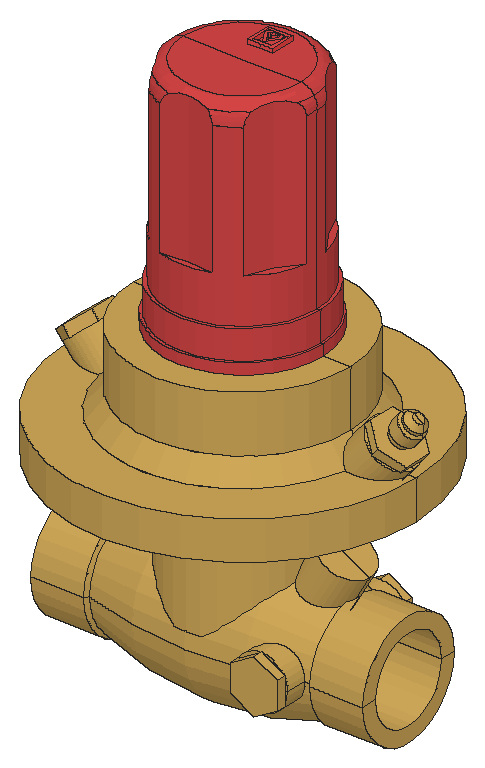
Revit family "Differential Pressure Control Valve 4007 5-30kPa", category Rohrzubehör, Revit 2018
Family settings
  Bemaßung runder Anschluss = Durchmesser verwenden
  Teiletyp = Unterbricht
  OmniClass-Nummer = 23.65.55.14.24
  OmniClass-Titel = Mixing Valves for Liquid Services
  Arbeitsebenenbasiert = Nein
  Immer vertikal = Ja
  Beim Laden mit Abzugskörper schneiden = Nein
  Gemeinsam genutzt = Nein
Parameters
  t1 = 24.47 mm  # constant formula
  Test pressure = 2400000.0 Pa  # constant formula
  Model = "The differential pressure controller is a straight-version proportional controller and works without\r\nauxiliary energy. The required nominal differential pressure can be continuously adjusted from 50 to\r\n300 mbar. The adjusted set point can be read, locked and sealed. The nominal set point is factory\r\npreset at minimum. The required set point is adjusted by means of a hand wheel and secured against\r\nturning by the block ring. The impulse line (1000 mm) is included with the valve and is connected to a\r\ncircuit regulating valve in the supply line.\r\nIt is possible to connect HERZ STROMAX valves 4215, 4217 or 4218 AGF to a differential pressure\r\ncontroller."
  Min. operating temperature (pure water) = 2 °C  # constant formula
  Min. operating temperature (frost protection, brass body) = -20 °C  # constant formula
  Min. operating temperature (frost protection) = -10 °C  # constant formula
  Max. operating temperature DN40-DN80 = 110 °C  # constant formula
  Max. operating temperature DN15-DN32 = 130 °C  # constant formula
  Max. differential pressure on the body = 200000.0 Pa  # constant formula
  m4 [instance] = R03 - 11.00 mm  # 20.50 mm
  m3 = 4.00 mm  # constant formula
  m2 [instance] = R03 - 8.50 mm  # 23.00 mm
  m1 = 3.50 mm  # constant formula
  k9 = 17.65 mm  # constant formula
  k8 = 130.00°  # constant formula
  k7 = 9.45 mm  # constant formula
  k6 = 8.678 mm
  k5 = 11.83 mm  # constant formula
  k4 = 142.00°  # constant formula
  k3 = 63.00 mm  # constant formula
  k22 = 3.22 mm  # constant formula
  k21 = 28.72 mm  # constant formula
  k20 = 70.56 mm  # constant formula
  k2 = 49.08 mm  # constant formula
  k19 = 24.47 mm  # constant formula
  k18 = 24.47 mm  # constant formula
  k17 [instance] = 4.00 mm  # constant formula
  k16 = 7.283 mm
  k15 [instance] = size_lookup("4007", "k15", 10.00 mm, Nennweite)  # 7.28 mm
  k14 = 101.66 mm  # constant formula
  k13 = 14.00 mm  # constant formula
  k12 = 39.276 mm
  k11 = 45.00 mm  # constant formula
  k10 = 20.56 mm  # constant formula
  k1 = 21.00 mm  # constant formula
  h2 [instance] = size_lookup("4007", "h2", 18.75 mm, Nennweite)  # 24.50 mm
  h1 = 20.59 mm  # constant formula
  a3 = 9.50 mm  # constant formula
  a2 = 21.02 mm  # constant formula
  a1 = 9.50 mm  # constant formula
  Valve body = "dezincification-resistant brass"  # constant formula
  URL = "www.herzvalves.com"
  Set point spring = "stainless steel"  # constant formula
  Schrauben [instance] = if(Nennweite = 15.00 mm, "4x M12x50", if(Nennweite = 20.00 mm, "4x M12x55", if(Nennweite = 25.00 mm, "4x M12x55", if(Nennweite = 32.00 mm, "4x M16x60", if(Nennweite = 40.00 mm, "4x M16x60", if(Nennweite = 50.00 mm, "4x M16x60", if(Nennweite = 65.00 mm, "4x M16x60", if(Nennweite = 80.00 mm, "8x M16x65", if(Nennweite = 100.00 mm, "8x M16x65", if(Nennweite = 125.00 mm, "8x M16x70", if(Nennweite = 150.00 mm, "8x M20x70", if(Nennweite = 200.00 mm, "12x M20x75", if(Nennweite = 250.00 mm, "12x M24x85", if(Nennweite = 300.00 mm, "12x M24x85", if(Nennweite = 350.00 mm, "16x M24x90", "16x M27x100")))))))))))))))  # "4x M12x55"
  SW [instance] = size_lookup("4007", "SW", 13.50 mm, Nennweite)  # 20.50 mm
  SCRNSEQ = "ARM;ARM_TYP=\"DIFR\";2"
  SCRNCODE = "05;03;4"  # constant formula
  Rp [instance] = size_lookup("4007", "Rp", 9.30 mm, Nennweite)  # 15.146 mm
  R04 [instance] = size_lookup("4007", "R04", 19.50 mm, Nennweite)  # 25.40 mm
  R03 [instance] = size_lookup("4007", "R03", 27.50 mm, Nennweite)  # 31.50 mm
  R02 [instance] = size_lookup("4007", "R02", 12.70 mm, Nennweite)  # 19.00 mm
  R01 [instance] = size_lookup("4007", "R01", 21.00 mm, Nennweite)  # 26.00 mm
  Nennweite [instance] = 25.00 mm
  Membrane and O-Rings = "EPDM"  # constant formula
  Medium = "Ethylene and propylene glycol is to be used in a mixing ratio of 25 - 50 Vol. [%].\r\nWater quality according to ONORM H 5195 and VDI 2035"
  L03 [instance] = size_lookup("4007", "L03", 35.00 mm, Nennweite)  # 45.00 mm
  L02 [instance] = size_lookup("4007", "L02", 21.00 mm, Nennweite)  # 27.00 mm
  L01 [instance] = size_lookup("4007", "L01", 15.00 mm, Nennweite)  # 19.10 mm
  L [instance] = size_lookup("4007", "L", 100.00 mm, Nennweite)  # 120.00 mm
  Materials = "Ammonia contained in hemp can damage brass valve bodies, EPDM gaskets can be affected by\r\nmineral oil lubricants and thus lead to failure of the EPDM seals. Please refer to manufacturers\r\ndocumentation when using ethylene glycol products for frost and corrosion protection."
  Hersteller = "HERZ-Armaturen Ges.m.b.H"  # constant formula
  DN80 [instance] = Nennweite = 80.00 mm  # no
  DN65-80 [instance] = or(Nennweite = 65.00 mm, Nennweite = 80.00 mm)  # no
  DN65 [instance] = Nennweite = 65.00 mm  # no
  DN50 [instance] = Nennweite = 50.00 mm  # no
  DN40 [instance] = Nennweite = 40.00 mm  # no
  DN32-40 [instance] = or(Nennweite = 32.00 mm, Nennweite = 40.00 mm)  # no
  DN32 [instance] = Nennweite = 32.00 mm  # no
  DN25 [instance] = Nennweite = 25.00 mm  # yes
  DN20 [instance] = Nennweite = 20.00 mm  # no
  DN15-50 [instance] = or(Nennweite = 15.00 mm, Nennweite = 20.00 mm, Nennweite = 25.00 mm, Nennweite = 32.00 mm, Nennweite = 40.00 mm, Nennweite = 50.00 mm)  # yes
  DN15-20 [instance] = or(Nennweite = 15.00 mm, Nennweite = 20.00 mm)  # no
  DN15 [instance] = Nennweite = 15.00 mm  # no
  Max. operating pressure = 1600000.0 Pa  # constant formula
  Bestellnummer [instance] = size_lookup("4007", "Artnr", 0, Nennweite)  # 1400703
  B1 [instance] = size_lookup("4007", "b1", 9.50 mm, Nennweite)  # 9.50 mm
  Application = "For heating and cooling systems, to ensure constant differential pressure constant within the\r\ncontrol range.\r\nReset from HERZ STROMAX circuit regulating valves."
Reference planes
  plane 1 "Mitte (Vorne/hinten)": y = 0
  plane 2: z = 0
  plane 3 "Mitte (Links/rechts)": x = 0
Forms (mm)
  Revolve 1, solid, material "Messing, weicher Gelbton, geschweißt", detail levels fine
    sketch origin (0, 0, 0) x (1, 0, 0) y (0, 1, 0)
      loop
        line (-60, 15.146) -> (60, 15.146) -> (60, 20.5) -> (40.9, 20.5) -> (40.265, 19)
        arc (40.265, 19) -> (0, 26) -> (-40.265, 19) r 119.305
        line (-40.265, 19) -> (-40.9, 20.5) -> (-60, 20.5) -> (-60, 15.146)
      axis (60, 0) -> (-60, 0)
    angle from 0 to 360
  Revolve 2, solid, material "Messing, weicher Gelbton, geschweißt", detail levels fine
    sketch origin (0, 0, 0) x (1, 0, 0) y (0, 0, 1)
      loop
        line (-25.4, 45) -> (-25.4, 0) -> (0, 0) -> (0, 45) -> (-25.4, 45)
      axis (0, 45) -> (0, 0)
    angle from 0 to 360
  Revolve 3, solid, material "Messing, weicher Gelbton, geschweißt", detail levels fine
    sketch origin (0, 0, 1.88) x (1, 0, 0) y (0, 0, 1)
      loop
        line (0, 43.116) -> (0, 144.776) -> (-21, 144.776) -> (-21, 92.196) -> (-39.276, 92.196) -> (-39.276, 71.639) -> (-45.35, 64.4) -> (-63, 64.4) -> (-63, 50.4) -> (-54.322, 50.4) -> (-45, 43.116) -> (0, 43.116)
      axis (0, 144.776) -> (0, 43.116)
    angle from 0 to 360
  Revolve 4, solid, material "Messing, weicher Gelbton, geschweißt", visible <- "DN15", detail levels fine
    sketch origin (0, 0, 0) x (1, 0, 0) y (0, 0, 1)
      loop
        line (-22.014, 8.727) -> (-13.787, 13.477) -> (-24.773, 32.507) -> (-33, 27.757) -> (-22.014, 8.727)
      axis (-33, 27.757) -> (-22.014, 8.727)
    angle from 0 to 360
  Revolve 5, solid, material "Messing, weicher Gelbton, geschweißt", visible <- "DN15", detail levels fine
    sketch origin (0, 0, 0) x (-1, 0, 0) y (0, 0, 1)
      loop
        line (-22.014, 8.727) -> (-13.787, 13.477) -> (-24.773, 32.507) -> (-33, 27.757) -> (-22.014, 8.727)
      axis (-33, 27.757) -> (-22.014, 8.727)
    angle from 0 to 360
  Revolve 6, solid, material "Messing, weicher Gelbton, geschweißt", visible <- "DN20", detail levels fine
    sketch origin (-0.6, 0, 0.94) x (1, 0, 0) y (0, 0, 1)
      loop
        line (-22.014, 8.727) -> (-13.787, 13.477) -> (-24.773, 32.507) -> (-33, 27.757) -> (-22.014, 8.727)
      axis (-33, 27.757) -> (-22.014, 8.727)
    angle from 0 to 360
  Revolve 7, solid, material "Messing, weicher Gelbton, geschweißt", visible <- "DN20", detail levels fine
    sketch origin (0.6, 0, 0.94) x (-1, 0, 0) y (0, 0, 1)
      loop
        line (-22.014, 8.727) -> (-13.787, 13.477) -> (-24.773, 32.507) -> (-33, 27.757) -> (-22.014, 8.727)
      axis (-33, 27.757) -> (-22.014, 8.727)
    angle from 0 to 360
  Revolve 8, solid, material "Messing, weicher Gelbton, geschweißt", visible <- "DN25", detail levels fine
    sketch origin (-4.851, 0, 5.003) x (1, 0, 0) y (0, 0, 1)
      loop
        line (-22.014, 8.727) -> (-13.787, 13.477) -> (-24.773, 32.507) -> (-33, 27.757) -> (-22.014, 8.727)
      axis (-33, 27.757) -> (-22.014, 8.727)
    angle from 0 to 360
  Revolve 9, solid, material "Messing, weicher Gelbton, geschweißt", visible <- "DN25", detail levels fine
    sketch origin (4.851, 0, 5.003) x (-1, 0, 0) y (0, 0, 1)
      loop
        line (-22.014, 8.727) -> (-13.787, 13.477) -> (-24.773, 32.507) -> (-33, 27.757) -> (-22.014, 8.727)
      axis (-33, 27.757) -> (-22.014, 8.727)
    angle from 0 to 360
  Revolve 10, solid, material "Messing, weicher Gelbton, geschweißt", visible <- "DN32", detail levels fine
    sketch origin (-12.5, 0, 10.252) x (1, 0, 0) y (0, 0, 1)
      loop
        line (-22.014, 8.727) -> (-13.787, 13.477) -> (-24.773, 32.507) -> (-33, 27.757) -> (-22.014, 8.727)
      axis (-33, 27.757) -> (-22.014, 8.727)
    angle from 0 to 360
  Revolve 11, solid, material "Messing, weicher Gelbton, geschweißt", visible <- "DN32", detail levels fine
    sketch origin (12.5, 0, 10.252) x (-1, 0, 0) y (0, 0, 1)
      loop
        line (-22.014, 8.727) -> (-13.787, 13.477) -> (-24.773, 32.507) -> (-33, 27.757) -> (-22.014, 8.727)
      axis (-33, 27.757) -> (-22.014, 8.727)
    angle from 0 to 360
  Revolve 12, solid, material "Messing, weicher Gelbton, geschweißt", visible <- "DN40", detail levels fine
    sketch origin (-18.5, 0, 13.444) x (1, 0, 0) y (0, 0, 1)
      loop
        line (-22.014, 8.727) -> (-13.787, 13.477) -> (-24.773, 32.507) -> (-33, 27.757) -> (-22.014, 8.727)
      axis (-33, 27.757) -> (-22.014, 8.727)
    angle from 0 to 360
  Revolve 13, solid, material "Messing, weicher Gelbton, geschweißt", visible <- "DN40", detail levels fine
    sketch origin (18.5, 0, 13.444) x (-1, 0, 0) y (0, 0, 1)
      loop
        line (-22.014, 8.727) -> (-13.787, 13.477) -> (-24.773, 32.507) -> (-33, 27.757) -> (-22.014, 8.727)
      axis (-33, 27.757) -> (-22.014, 8.727)
    angle from 0 to 360
  Revolve 14, solid, material "Messing, weicher Gelbton, geschweißt", visible <- "DN50", detail levels fine
    sketch origin (-23.5, 0, 19.174) x (1, 0, 0) y (0, 0, 1)
      loop
        line (-22.014, 8.727) -> (-13.787, 13.477) -> (-24.773, 32.507) -> (-33, 27.757) -> (-22.014, 8.727)
      axis (-33, 27.757) -> (-22.014, 8.727)
    angle from 0 to 360
  Revolve 15, solid, material "Messing, weicher Gelbton, geschweißt", visible <- "DN50", detail levels fine
    sketch origin (23.5, 0, 19.174) x (-1, 0, 0) y (0, 0, 1)
      loop
        line (-22.014, 8.727) -> (-13.787, 13.477) -> (-24.773, 32.507) -> (-33, 27.757) -> (-22.014, 8.727)
      axis (-33, 27.757) -> (-22.014, 8.727)
    angle from 0 to 360
  Revolve 16, solid, material "Messing, weicher Gelbton, geschweißt", detail levels fine
    sketch origin (0, 0, 0) x (1, 0, 0) y (0, 1, 0)
      loop
        line (38, 0) -> (38, 27) -> (28.5, 27) -> (28.5, 0) -> (38, 0)
      axis (28.5, 27) -> (28.5, 0)
    angle from 0 to 360
  Revolve 17, solid, material "Messing, weicher Gelbton, geschweißt", detail levels fine
    sketch origin (0, 0, 0) x (1, 0, 0) y (0, -1, 0)
      loop
        line (38, 0) -> (38, 27) -> (28.5, 27) -> (28.5, 0) -> (38, 0)
      axis (28.5, 27) -> (28.5, 0)
    angle from 0 to 360
  Extrusion 18, solid, material "Messing, weicher Gelbton, geschweißt", visible <- "DN15-50", detail levels fine
    sketch origin (0, 0, 0) x (1, 0, 0) y (0, 0, -1)
      loop
        line (37, -4.907) -> (37, 4.907) -> (28.5, 9.815) -> (20, 4.907) -> (20, -4.907) -> (28.5, -9.815) -> (37, -4.907)
    from 27 to 30.5
  Extrusion 19, solid, material "Messing, weicher Gelbton, geschweißt", visible <- "DN15-50", detail levels fine
    sketch origin (0, 0, 0) x (1, 0, 0) y (0, 0, 1)
      loop
        line (37, 4.907) -> (28.5, 9.815) -> (20, 4.907) -> (20, -4.907) -> (28.5, -9.815) -> (37, -4.907) -> (37, 4.907)
    from 27 to 30.5
  Revolve 20, solid, material "Messing, weicher Gelbton, geschweißt", detail levels fine
    sketch origin (0, 0, 0) x (1, 0, 0) y (0, 0, 1)
      loop
        line (-54.637, 74.894) -> (-41.126, 58.791) -> (-33.848, 64.898) -> (-47.36, 81) -> (-54.637, 74.894)
      axis (-54.637, 74.894) -> (-41.126, 58.791)
    angle from 0 to 360
  Revolve 21, solid, material "Messing, weicher Gelbton, geschweißt", detail levels fine
    sketch origin (0, 0, 0) x (-1, 0, 0) y (0, 0, 1)
      loop
        line (-54.637, 74.894) -> (-41.126, 58.791) -> (-33.848, 64.898) -> (-47.36, 81) -> (-54.637, 74.894)
      axis (-54.637, 74.894) -> (-41.126, 58.791)
    angle from 0 to 360
  Extrusion 22, solid, material "Messing, weicher Gelbton, geschweißt", visible <- "DN15-20", detail levels fine
    sketch origin (-123.581, 0, 7.046) x (0.766044, 0, 0.642788) y (0, 1, 0)
      loop
        line (98.5, 4.907) -> (90, 9.815) -> (81.5, 4.907) -> (81.5, -4.907) -> (90, -9.815) -> (98.5, -4.907) -> (98.5, 4.907)
    from 0 to 4
  Extrusion 23, solid, material "Messing, weicher Gelbton, geschweißt", visible <- "DN15-20", detail levels fine
    sketch origin (-14.307, 0, 122.748) x (0.766044, 0, -0.642788) y (0, 1, 0)
      loop
        line (98.5, 4.907) -> (90, 9.815) -> (81.5, 4.907) -> (81.5, -4.907) -> (90, -9.815) -> (98.5, -4.907) -> (98.5, 4.907)
    from 0 to 3.4
  Revolve 24, solid, material "Messing, weicher Gelbton, geschweißt", visible <- "DN15-20", detail levels fine
    sketch origin (0, 0, 0) x (1, 0, 0) y (0, 0, 1)
      loop
        line (56.822, 67.502) -> (59.81, 64.995) -> (61.417, 66.91) -> (62.155, 66.29) -> (65.109, 69.81) -> (64.941, 71.133) -> (65.648, 71.975) -> (65.414, 74.652) -> (63.893, 75.928) -> (56.822, 67.502)
      axis (63.893, 75.928) -> (56.822, 67.502)
    angle from 0 to 360
  Extrusion 25, solid, material "Messing, weicher Gelbton, geschweißt", visible <- "DN25", detail levels fine
    sketch origin (-123.581, 0, 17.046) x (0.766044, 0, 0.642788) y (0, 1, 0)
      loop
        line (98.5, 4.907) -> (90, 9.815) -> (81.5, 4.907) -> (81.5, -4.907) -> (90, -9.815) -> (98.5, -4.907) -> (98.5, 4.907)
    from 0 to 4
  Extrusion 26, solid, material "Messing, weicher Gelbton, geschweißt", visible <- "DN25", detail levels fine
    sketch origin (-14.307, 0, 132.748) x (0.766044, 0, -0.642788) y (0, 1, 0)
      loop
        line (98.5, 4.907) -> (90, 9.815) -> (81.5, 4.907) -> (81.5, -4.907) -> (90, -9.815) -> (98.5, -4.907) -> (98.5, 4.907)
    from 0 to 3.4
  Revolve 27, solid, material "Messing, weicher Gelbton, geschweißt", visible <- "DN25", detail levels fine
    sketch origin (0, 0, 10) x (1, 0, 0) y (0, 0, 1)
      loop
        line (56.822, 67.502) -> (59.81, 64.995) -> (61.417, 66.91) -> (62.155, 66.29) -> (65.109, 69.81) -> (64.941, 71.133) -> (65.648, 71.975) -> (65.414, 74.652) -> (63.893, 75.928) -> (56.822, 67.502)
      axis (63.893, 75.928) -> (56.822, 67.502)
    angle from 0 to 360
  Extrusion 28, solid, material "Messing, weicher Gelbton, geschweißt", visible <- "DN32-40", detail levels fine
    sketch origin (-123.581, 0, 22.046) x (0.766044, 0, 0.642788) y (0, 1, 0)
      loop
        line (98.5, 4.907) -> (90, 9.815) -> (81.5, 4.907) -> (81.5, -4.907) -> (90, -9.815) -> (98.5, -4.907) -> (98.5, 4.907)
    from 0 to 4
  Extrusion 29, solid, material "Messing, weicher Gelbton, geschweißt", visible <- "DN32-40", detail levels fine
    sketch origin (-14.307, 0, 137.748) x (0.766044, 0, -0.642788) y (0, 1, 0)
      loop
        line (98.5, 4.907) -> (90, 9.815) -> (81.5, 4.907) -> (81.5, -4.907) -> (90, -9.815) -> (98.5, -4.907) -> (98.5, 4.907)
    from 0 to 3.4
  Revolve 30, solid, material "Messing, weicher Gelbton, geschweißt", visible <- "DN32-40", detail levels fine
    sketch origin (0, 0, 15) x (1, 0, 0) y (0, 0, 1)
      loop
        line (56.822, 67.502) -> (59.81, 64.995) -> (61.417, 66.91) -> (62.155, 66.29) -> (65.109, 69.81) -> (64.941, 71.133) -> (65.648, 71.975) -> (65.414, 74.652) -> (63.893, 75.928) -> (56.822, 67.502)
      axis (63.893, 75.928) -> (56.822, 67.502)
    angle from 0 to 360
  Extrusion 31, solid, material "Messing, weicher Gelbton, geschweißt", visible <- "DN50", detail levels fine
    sketch origin (-123.581, 0, 32.546) x (0.766044, 0, 0.642788) y (0, 1, 0)
      loop
        line (98.5, 4.907) -> (90, 9.815) -> (81.5, 4.907) -> (81.5, -4.907) -> (90, -9.815) -> (98.5, -4.907) -> (98.5, 4.907)
    from 0 to 4
  Extrusion 32, solid, material "Messing, weicher Gelbton, geschweißt", visible <- "DN50", detail levels fine
    sketch origin (-14.307, 0, 148.248) x (0.766044, 0, -0.642788) y (0, 1, 0)
      loop
        line (98.5, 4.907) -> (90, 9.815) -> (81.5, 4.907) -> (81.5, -4.907) -> (90, -9.815) -> (98.5, -4.907) -> (98.5, 4.907)
    from 0 to 3.4
  Revolve 33, solid, material "Messing, weicher Gelbton, geschweißt", visible <- "DN50", detail levels fine
    sketch origin (0, 0, 25.5) x (1, 0, 0) y (0, 0, 1)
      loop
        line (56.822, 67.502) -> (59.81, 64.995) -> (61.417, 66.91) -> (62.155, 66.29) -> (65.109, 69.81) -> (64.941, 71.133) -> (65.648, 71.975) -> (65.414, 74.652) -> (63.893, 75.928) -> (56.822, 67.502)
      axis (63.893, 75.928) -> (56.822, 67.502)
    angle from 0 to 360
  Extrusion 34, solid, material "Messing, weicher Gelbton, geschweißt", visible <- "DN65-80", detail levels fine
    sketch origin (31.509, 0, 0) x (1, 0, 0) y (0, 0, -1)
      loop
        line (7.991, -6.351) -> (7.991, 6.351) -> (-3.009, 12.702) -> (-14.009, 6.351) -> (-14.009, -6.351) -> (-3.009, -12.702) -> (7.991, -6.351)
    from 27 to 31
  Extrusion 35, solid, material "Messing, weicher Gelbton, geschweißt", visible <- "DN65-80", detail levels fine
    sketch origin (31.509, 0, 0) x (1, 0, 0) y (0, 0, 1)
      loop
        line (7.991, 6.351) -> (-3.009, 12.702) -> (-14.009, 6.351) -> (-14.009, -6.351) -> (-3.009, -12.702) -> (7.991, -6.351) -> (7.991, 6.351)
    from 27 to 31
  Revolve 36, solid, material "Messing, weicher Gelbton, geschweißt", visible <- "DN65", detail levels fine
    sketch origin (-32, 0, 28.317) x (1, 0, 0) y (0, 0, 1)
      loop
        line (-22.014, 8.727) -> (-13.787, 13.477) -> (-24.773, 32.507) -> (-33, 27.757) -> (-22.014, 8.727)
      axis (-33, 27.757) -> (-22.014, 8.727)
    angle from 0 to 360
  Revolve 37, solid, material "Messing, weicher Gelbton, geschweißt", visible <- "DN65", detail levels fine
    sketch origin (32, 0, 28.317) x (-1, 0, 0) y (0, 0, 1)
      loop
        line (-22.014, 8.727) -> (-13.787, 13.477) -> (-24.773, 32.507) -> (-33, 27.757) -> (-22.014, 8.727)
      axis (-33, 27.757) -> (-22.014, 8.727)
    angle from 0 to 360
  Revolve 38, solid, material "Messing, weicher Gelbton, geschweißt", visible <- "DN80", detail levels fine
    sketch origin (-41, 0, 35.243) x (1, 0, 0) y (0, 0, 1)
      loop
        line (-22.014, 8.727) -> (-13.787, 13.477) -> (-24.773, 32.507) -> (-33, 27.757) -> (-22.014, 8.727)
      axis (-33, 27.757) -> (-22.014, 8.727)
    angle from 0 to 360
  Revolve 39, solid, material "Messing, weicher Gelbton, geschweißt", visible <- "DN80", detail levels fine
    sketch origin (41, 0, 35.243) x (-1, 0, 0) y (0, 0, 1)
      loop
        line (-22.014, 8.727) -> (-13.787, 13.477) -> (-24.773, 32.507) -> (-33, 27.757) -> (-22.014, 8.727)
      axis (-33, 27.757) -> (-22.014, 8.727)
    angle from 0 to 360
  Revolve 40, solid, material "Messing, weicher Gelbton, geschweißt", detail levels fine
    sketch origin (0, 0, 1.7) x (1, 0, 0) y (0, 0, 1)
      loop
        line (0, 46.52) -> (-42, 46.52) -> (-42, 43.303) -> (0, 43.303) -> (0, 46.52)
      axis (0, 46.52) -> (0, 43.303)
    angle from 0 to 360
  Extrusion 41, solid, material "Messing, weicher Gelbton, geschweißt", visible <- "DN65", detail levels fine
    sketch origin (-123.581, 0, 40.263) x (0.766044, 0, 0.642788) y (0, 1, 0)
      loop
        line (98.5, 4.907) -> (90, 9.815) -> (81.5, 4.907) -> (81.5, -4.907) -> (90, -9.815) -> (98.5, -4.907) -> (98.5, 4.907)
    from 0 to 4
  Extrusion 42, solid, material "Messing, weicher Gelbton, geschweißt", visible <- "DN65", detail levels fine
    sketch origin (123.581, 0, 40.263) x (-0.766044, 0, 0.642788) y (0, -1, 0)
      loop
        line (98.5, -4.907) -> (98.5, 4.907) -> (90, 9.815) -> (81.5, 4.907) -> (81.5, -4.907) -> (90, -9.815) -> (98.5, -4.907)
    from 0 to 4
  Revolve 43, solid, material "Messing, weicher Gelbton, geschweißt", visible <- "DN65", detail levels fine
    sketch origin (0.386, 0, 33.676) x (1, 0, 0) y (0, 0, 1)
      loop
        line (56.822, 67.502) -> (59.81, 64.995) -> (61.417, 66.91) -> (62.155, 66.29) -> (65.109, 69.81) -> (64.941, 71.133) -> (65.648, 71.975) -> (65.414, 74.652) -> (63.893, 75.928) -> (56.822, 67.502)
      axis (63.893, 75.928) -> (56.822, 67.502)
    angle from 0 to 360
  Extrusion 44, solid, material "Messing, weicher Gelbton, geschweißt", visible <- "DN80", detail levels fine
    sketch origin (-123.581, 0, 41.963) x (0.766044, 0, 0.642788) y (0, 1, 0)
      loop
        line (98.5, 4.907) -> (90, 9.815) -> (81.5, 4.907) -> (81.5, -4.907) -> (90, -9.815) -> (98.5, -4.907) -> (98.5, 4.907)
    from 0 to 4
  Extrusion 45, solid, material "Messing, weicher Gelbton, geschweißt", visible <- "DN80", detail levels fine
    sketch origin (123.581, 0, 41.963) x (-0.766044, 0, 0.642788) y (0, -1, 0)
      loop
        line (98.5, -4.907) -> (98.5, 4.907) -> (90, 9.815) -> (81.5, 4.907) -> (81.5, -4.907) -> (90, -9.815) -> (98.5, -4.907)
    from 0 to 4
  Revolve 46, solid, material "Messing, weicher Gelbton, geschweißt", visible <- "DN80", detail levels fine
    sketch origin (0.386, 0, 35.376) x (1, 0, 0) y (0, 0, 1)
      loop
        line (56.822, 67.502) -> (59.81, 64.995) -> (61.417, 66.91) -> (62.155, 66.29) -> (65.109, 69.81) -> (64.941, 71.133) -> (65.648, 71.975) -> (65.414, 74.652) -> (63.893, 75.928) -> (56.822, 67.502)
      axis (63.893, 75.928) -> (56.822, 67.502)
    angle from 0 to 360
  Extrusion 47, solid, material "Messing, weicher Gelbton, geschweißt", visible <- "DN65", detail levels fine
    sketch origin (0, 0, 0) x (0, 1, 0) y (0, 0, -1)
      loop
        circle (0, 0.217) r 46
      loop
        circle (0, 0.217) r 42.499
    from 90 to 95
  Extrusion 48, solid, material "Messing, weicher Gelbton, geschweißt", visible <- "DN80", detail levels fine
    sketch origin (0, 0, 0) x (0, 1, 0) y (0, 0, 1)
      loop
        circle (0, -0.217) r 54
      loop
        circle (0, -0.217) r 50
    from -105 to -100
  Extrusion 49, solid, material "Messing, weicher Gelbton, geschweißt", visible <- "DN80", detail levels fine
    sketch origin (0, 0, 0) x (0, 1, 0) y (0, 0, -1)
      loop
        circle (0, 0.217) r 54
      loop
        circle (0, 0.217) r 50
    from -105 to -100
  Extrusion 50, solid, material "Messing, weicher Gelbton, geschweißt", visible <- "DN65", detail levels fine
    sketch origin (0, 0, 0) x (0, 1, 0) y (0, 0, 1)
      loop
        circle (0, -0.217) r 46
      loop
        circle (0, -0.217) r 42.499
    from 90 to 95
Lines and regions (mm)
  model lines, detail levels coarse+medium
    curve 1: spline (-63, 0, 59.28) -> (-60.853, 0, 61.092) -> (-54.56, 0, 62.78) -> (-44.548, 0, 64.23) -> (-31.5, 0, 65.342) -> (-16.306, 0, 66.041) -> (0, 0, 66.28) -> (16.306, 0, 66.041) -> (31.5, 0, 65.342) -> (44.548, 0, 64.23) -> (54.56, 0, 62.78) -> (60.853, 0, 61.092) -> (63, 0, 59.28) -> (60.853, 0, 57.468) -> (54.56, 0, 55.78) -> (44.548, 0, 54.33) -> (31.5, 0, 53.218) -> (16.306, 0, 52.519) -> (0, 0, 52.28) -> (-16.306, 0, 52.519) -> (-31.5, 0, 53.218) -> (-44.548, 0, 54.33) -> (-54.56, 0, 55.78) -> (-60.853, 0, 57.468) -> (-63, 0, 59.28)
    curve 2: line (60, 0, 20.5) -> (60, 0, -20.5)
    curve 3: line (60, 0, -20.5) -> (-60, 0, 20.5)
    curve 4: line (-60, 0, 20.5) -> (-60, 0, -20.5)
    curve 5: line (-60, 0, -20.5) -> (60, 0, 20.5)
    curve 6: line (30, 0, 10.25) -> (0, 0, 45)
    curve 7: line (-30, 0, 10.25) -> (0, 0, 45)
    curve 8: line (0, 0, 45) -> (0, 0, 52.28)
    curve 9: spline (-63, -59.28, 0) -> (-60.853, -57.468, 0) -> (-54.56, -55.78, 0) -> (-44.548, -54.33, 0) -> (-31.5, -53.218, 0) -> (-16.306, -52.519, 0) -> (0, -52.28, 0) -> (16.306, -52.519, 0) -> (31.5, -53.218, 0) -> (44.548, -54.33, 0) -> (54.56, -55.78, 0) -> (60.853, -57.468, 0) -> (63, -59.28, 0) -> (60.853, -61.092, 0) -> (54.56, -62.78, 0) -> (44.548, -64.23, 0) -> (31.5, -65.342, 0) -> (16.306, -66.041, 0) -> (0, -66.28, 0) -> (-16.306, -66.041, 0) -> (-31.5, -65.342, 0) -> (-44.548, -64.23, 0) -> (-54.56, -62.78, 0) -> (-60.853, -61.092, 0) -> (-63, -59.28, 0)
    curve 10: line (-60, 20.5, 0) -> (60, -20.5, 0)
    curve 11: line (60, -20.5, 0) -> (60, 20.5, 0)
    curve 12: line (60, 20.5, 0) -> (-60, -20.5, 0)
    curve 13: line (-60, -20.5, 0) -> (-60, 20.5, 0)
    curve 14: line (0, -45, 0) -> (0, -52.28, 0)
    curve 15: line (-20, -6.833, 0) -> (0, -45, 0)
    curve 16: line (20, -6.833, 0) -> (0, -45, 0)
Dimensions and locks
  "L": Revolve 1 sketch curve to Revolve 1 sketch curve
  equal spacing: Revolve 1 sketch curve, plane 3 "Mitte (Links/rechts)", Revolve 1 sketch curve  (x2)
  "Rp": plane 1 "Mitte (Vorne/hinten)" to Revolve 1 sketch curve
  "SW": plane 1 "Mitte (Vorne/hinten)" to Revolve 1 sketch curve
  "SW": Revolve 1 sketch curve to plane 1 "Mitte (Vorne/hinten)"
  "R02": plane 1 "Mitte (Vorne/hinten)" to Revolve 1 sketch curve  (x2)
  "R01": plane 1 "Mitte (Vorne/hinten)" to Revolve 1 sketch curve
  "L01": Revolve 1 sketch curve to Revolve 1 sketch curve  (x2)
  "L02": plane 1 "Mitte (Vorne/hinten)" to Revolve 16 sketch curve
  "R03": Revolve 16 sketch curve to Revolve 1
  "B1": Revolve 16 sketch curve to Revolve 16 sketch curve
  "B1": Revolve 17 sketch curve to Revolve 17 sketch curve
  "R03": Revolve 17 sketch curve to Revolve 1
  "L02": Revolve 17 sketch curve to plane 1 "Mitte (Vorne/hinten)"
  "L02": plane 1 "Mitte (Vorne/hinten)" to Extrusion 18
  "m2": Extrusion 18 to Revolve 1
  "m1": Extrusion 18 to Extrusion 18
  "L02": plane 1 "Mitte (Vorne/hinten)" to Extrusion 19
  "m2": Extrusion 19 to Revolve 1
  "m1": Extrusion 19 to Extrusion 19
  "R04": Revolve 2 sketch curve to plane 3 "Mitte (Links/rechts)"
  "L03": Revolve 2 sketch curve to plane 2
  "k1": Revolve 3 sketch curve to Revolve 3 sketch curve
  "k3": Revolve 3 sketch curve to Revolve 3 sketch curve
  "k5": Revolve 3 sketch curve to Revolve 3 sketch curve
  "k6": Revolve 3 sketch curve to Revolve 3 sketch curve
  "k7": Revolve 3 sketch curve to Revolve 3 sketch curve
  "k9": Revolve 3 sketch curve to Revolve 3 sketch curve
  "k11": Revolve 3 sketch curve to Revolve 3 sketch curve
  "k12": Revolve 3 sketch curve to Revolve 3 sketch curve
  "k13": Revolve 3 sketch curve to Revolve 3 sketch curve
  "k14": Revolve 3 sketch curve to Revolve 3 sketch curve
  "a1": Revolve 20 sketch curve to Revolve 20 sketch curve
  "a2": Revolve 20 sketch curve to Revolve 20 sketch curve
  "a2": Revolve 21 sketch curve to Revolve 21 sketch curve
  "a1": Revolve 21 sketch curve to Revolve 21 sketch curve
  "a3": Revolve 20 sketch curve to Revolve 20 sketch curve
  "a3": Revolve 21 sketch curve to Revolve 21 sketch curve
  "k15": Revolve 3 to Revolve 2
  "k16": Revolve 3 sketch curve to Revolve 3 sketch curve
  "k17": nested 1 to Revolve 3
  "k21": Revolve 20 sketch curve to Revolve 3
  "k21": Revolve 21 sketch curve to Revolve 3
  "h1": Revolve 3 to nested 2
  "h2": plane 1 "Mitte (Vorne/hinten)" to nested 2
  "m3": Extrusion 34 to Extrusion 34
  "m3": Extrusion 34 to Revolve 16
  "m4": Extrusion 34 to Revolve 1
  "m3": Extrusion 35 to Extrusion 35
  "m4": Extrusion 35 to Revolve 1
  "m3": Extrusion 35 to Revolve 17
  nested 1 to level = 180.002 mm
  "k22": Revolve 40 to Revolve 2
  "k2": Revolve 3 sketch curve to Revolve 3 sketch curve
  equal spacing: curve 4, plane 3 "Mitte (Links/rechts)", curve 2
  "L": curve 4 to curve 2
  "k3": plane 3 "Mitte (Links/rechts)" to curve 1
  "k13": curve 1 to curve 1
  "k15": curve 1 to Revolve 2
  "SW": curve 4 to plane 2
  "SW": plane 2 to curve 5
  "SW": curve 5 to plane 2 to curve 3
  equal spacing: curve 4, curve 7, curve 7, curve 6, curve 2
  "k3": curve 1 to plane 3 "Mitte (Links/rechts)"
  "L03": curve 8 to plane 2
  "k15": curve 8 to curve 8
  "k3": curve 9 to plane 3 "Mitte (Links/rechts)" to curve 9
  "k13": curve 9 to curve 9
  equal spacing: curve 13, curve 15, curve 16, curve 11
  "L": curve 13 to curve 11
  "SW": plane 1 "Mitte (Vorne/hinten)" to curve 13
  "SW": curve 13 to plane 1 "Mitte (Vorne/hinten)"
  "SW": plane 1 "Mitte (Vorne/hinten)" to curve 12
  "SW": curve 11 to plane 1 "Mitte (Vorne/hinten)"
  "k15": curve 16 to curve 14
  equal spacing: curve 13, plane 3 "Mitte (Links/rechts)", curve 11
  "L03": curve 16 to plane 1 "Mitte (Vorne/hinten)"
  "k4": angle Revolve 3 sketch curve to Revolve 3 sketch curve
  "k8": angle Revolve 3 sketch curve to Revolve 3 sketch curve
  aligned and locked: level to plane 2
Automatic sketch dimensions
  Revolve 4 sketch curve to plane 3 "Mitte (Links/rechts)" = 33.00 mm
  Revolve 4 sketch curve to Revolve 4 sketch curve = 8.227 mm
  level to Revolve 4 sketch curve = 8.727 mm  (x2)
  Revolve 4 sketch curve to Revolve 4 sketch curve = 10.987 mm
  Revolve 4 sketch curve to Revolve 4 sketch curve = 4.75 mm
  Revolve 4 sketch curve to Revolve 4 sketch curve = 0.00 mm  (x3)
  Revolve 5 sketch curve to plane 3 "Mitte (Links/rechts)" = 33.00 mm
  Revolve 5 sketch curve to Revolve 5 sketch curve = 8.227 mm
  Revolve 5 sketch curve to level = 8.727 mm  (x2)
  Revolve 5 sketch curve to Revolve 5 sketch curve = 10.987 mm
  Revolve 5 sketch curve to Revolve 5 sketch curve = 4.75 mm
  Revolve 5 sketch curve to Revolve 5 sketch curve = 0.00 mm  (x3)
  Revolve 6 sketch curve to plane 3 "Mitte (Links/rechts)" = 33.60 mm
  Revolve 6 sketch curve to Revolve 6 sketch curve = 8.227 mm
  level to Revolve 6 sketch curve = 9.668 mm  (x2)
  Revolve 6 sketch curve to Revolve 6 sketch curve = 10.987 mm
  Revolve 6 sketch curve to Revolve 6 sketch curve = 4.75 mm
  Revolve 6 sketch curve to Revolve 6 sketch curve = 0.00 mm  (x3)
  Revolve 7 sketch curve to plane 3 "Mitte (Links/rechts)" = 33.60 mm
  Revolve 7 sketch curve to Revolve 7 sketch curve = 8.227 mm
  Revolve 7 sketch curve to level = 9.668 mm  (x2)
  Revolve 7 sketch curve to Revolve 7 sketch curve = 10.987 mm
  Revolve 7 sketch curve to Revolve 7 sketch curve = 4.75 mm
  Revolve 7 sketch curve to Revolve 7 sketch curve = 0.00 mm  (x3)
  Revolve 8 sketch curve to plane 3 "Mitte (Links/rechts)" = 37.851 mm
  Revolve 8 sketch curve to Revolve 8 sketch curve = 8.227 mm
  level to Revolve 8 sketch curve = 13.731 mm
  Revolve 8 sketch curve to Revolve 8 sketch curve = 10.987 mm
  Revolve 8 sketch curve to Revolve 8 sketch curve = 4.75 mm
  Revolve 8 sketch curve to Revolve 8 sketch curve = 0.00 mm  (x4)
  Revolve 9 sketch curve to plane 3 "Mitte (Links/rechts)" = 37.851 mm
  Revolve 9 sketch curve to Revolve 9 sketch curve = 8.227 mm
  Revolve 9 sketch curve to level = 13.731 mm
  Revolve 9 sketch curve to Revolve 9 sketch curve = 10.987 mm
  Revolve 9 sketch curve to Revolve 9 sketch curve = 4.75 mm
  Revolve 9 sketch curve to Revolve 9 sketch curve = 0.00 mm  (x4)
  Revolve 10 sketch curve to plane 3 "Mitte (Links/rechts)" = 45.50 mm
  Revolve 10 sketch curve to Revolve 10 sketch curve = 8.227 mm
  Revolve 10 sketch curve to Revolve 10 sketch curve = 10.987 mm
  level to Revolve 10 sketch curve = 18.979 mm
  Revolve 10 sketch curve to Revolve 10 sketch curve = 4.75 mm
  Revolve 10 sketch curve to Revolve 10 sketch curve = 0.00 mm  (x4)
  Revolve 11 sketch curve to plane 3 "Mitte (Links/rechts)" = 45.50 mm
  Revolve 11 sketch curve to Revolve 11 sketch curve = 8.227 mm
  Revolve 11 sketch curve to Revolve 11 sketch curve = 10.987 mm
  Revolve 11 sketch curve to level = 18.979 mm
  Revolve 11 sketch curve to Revolve 11 sketch curve = 4.75 mm
  Revolve 11 sketch curve to Revolve 11 sketch curve = 0.00 mm  (x4)
  Revolve 12 sketch curve to plane 3 "Mitte (Links/rechts)" = 51.50 mm
  Revolve 12 sketch curve to Revolve 12 sketch curve = 8.227 mm
  Revolve 12 sketch curve to Revolve 12 sketch curve = 10.987 mm
  level to Revolve 12 sketch curve = 22.171 mm
  Revolve 12 sketch curve to Revolve 12 sketch curve = 4.75 mm
  Revolve 12 sketch curve to Revolve 12 sketch curve = 0.00 mm  (x4)
  Revolve 13 sketch curve to plane 3 "Mitte (Links/rechts)" = 51.50 mm
  Revolve 13 sketch curve to Revolve 13 sketch curve = 8.227 mm
  Revolve 13 sketch curve to Revolve 13 sketch curve = 10.987 mm
  Revolve 13 sketch curve to level = 22.171 mm
  Revolve 13 sketch curve to Revolve 13 sketch curve = 4.75 mm
  Revolve 13 sketch curve to Revolve 13 sketch curve = 0.00 mm  (x4)
  Revolve 14 sketch curve to plane 3 "Mitte (Links/rechts)" = 56.50 mm
  Revolve 14 sketch curve to Revolve 14 sketch curve = 8.227 mm
  Revolve 14 sketch curve to Revolve 14 sketch curve = 10.987 mm
  level to Revolve 14 sketch curve = 27.902 mm
  Revolve 14 sketch curve to Revolve 14 sketch curve = 4.75 mm
  Revolve 14 sketch curve to Revolve 14 sketch curve = 0.00 mm  (x4)
  Revolve 15 sketch curve to plane 3 "Mitte (Links/rechts)" = 56.50 mm
  Revolve 15 sketch curve to Revolve 15 sketch curve = 8.227 mm
  Revolve 15 sketch curve to Revolve 15 sketch curve = 10.987 mm
  Revolve 15 sketch curve to level = 27.902 mm
  Revolve 15 sketch curve to Revolve 15 sketch curve = 4.75 mm
  Revolve 15 sketch curve to Revolve 15 sketch curve = 0.00 mm  (x4)
  Extrusion 18 sketch curve to level = 4.907 mm  (x2)
  plane 3 "Mitte (Links/rechts)" to Extrusion 18 sketch curve = 20.00 mm
  level to Extrusion 18 sketch curve = 9.815 mm
  Extrusion 18 sketch curve to Extrusion 18 sketch curve = 8.50 mm  (x3)
  Extrusion 18 sketch curve to level = 9.815 mm
  level to Extrusion 18 sketch curve = 4.907 mm  (x2)
  Extrusion 19 sketch curve to level = 4.907 mm  (x2)
  plane 3 "Mitte (Links/rechts)" to Extrusion 19 sketch curve = 20.00 mm
  level to Extrusion 19 sketch curve = 9.815 mm
  Extrusion 19 sketch curve to Extrusion 19 sketch curve = 8.50 mm  (x3)
  Extrusion 19 sketch curve to level = 9.815 mm
  level to Extrusion 19 sketch curve = 4.907 mm  (x2)
  plane 3 "Mitte (Links/rechts)" to Revolve 24 sketch curve = 56.822 mm
  Revolve 24 sketch curve to Revolve 24 sketch curve = 2.988 mm
  Revolve 24 sketch curve to Revolve 24 sketch curve = 1.607 mm
  Revolve 24 sketch curve to Revolve 24 sketch curve = 0.738 mm
  Revolve 24 sketch curve to Revolve 24 sketch curve = 2.476 mm
  Revolve 24 sketch curve to Revolve 24 sketch curve = 1.048 mm
  Revolve 24 sketch curve to Revolve 24 sketch curve = 0.168 mm
  Revolve 24 sketch curve to Revolve 24 sketch curve = 1.521 mm
  Revolve 24 sketch curve to Revolve 24 sketch curve = 0.707 mm
  level to Revolve 24 sketch curve = 64.995 mm
  Revolve 24 sketch curve to Revolve 24 sketch curve = 1.295 mm
  Revolve 24 sketch curve to Revolve 24 sketch curve = 1.322 mm
  Revolve 24 sketch curve to Revolve 24 sketch curve = 0.843 mm
  Revolve 24 sketch curve to Revolve 24 sketch curve = 0.00 mm  (x4)
  plane 3 "Mitte (Links/rechts)" to Revolve 27 sketch curve = 56.822 mm
  Revolve 27 sketch curve to Revolve 27 sketch curve = 2.988 mm
  Revolve 27 sketch curve to Revolve 27 sketch curve = 1.607 mm
  Revolve 27 sketch curve to Revolve 27 sketch curve = 0.738 mm
  Revolve 27 sketch curve to Revolve 27 sketch curve = 2.476 mm
  Revolve 27 sketch curve to Revolve 27 sketch curve = 1.048 mm
  Revolve 27 sketch curve to Revolve 27 sketch curve = 0.168 mm
  Revolve 27 sketch curve to Revolve 27 sketch curve = 1.521 mm
  Revolve 27 sketch curve to Revolve 27 sketch curve = 0.707 mm
  level to Revolve 27 sketch curve = 74.995 mm
  Revolve 27 sketch curve to Revolve 27 sketch curve = 1.295 mm
  Revolve 27 sketch curve to Revolve 27 sketch curve = 1.322 mm
  Revolve 27 sketch curve to Revolve 27 sketch curve = 0.843 mm
  Revolve 27 sketch curve to Revolve 27 sketch curve = 0.00 mm  (x4)
  plane 3 "Mitte (Links/rechts)" to Revolve 30 sketch curve = 56.822 mm
  Revolve 30 sketch curve to Revolve 30 sketch curve = 2.988 mm
  Revolve 30 sketch curve to Revolve 30 sketch curve = 1.607 mm
  Revolve 30 sketch curve to Revolve 30 sketch curve = 0.738 mm
  Revolve 30 sketch curve to Revolve 30 sketch curve = 2.476 mm
  Revolve 30 sketch curve to Revolve 30 sketch curve = 1.048 mm
  Revolve 30 sketch curve to Revolve 30 sketch curve = 0.168 mm
  Revolve 30 sketch curve to Revolve 30 sketch curve = 1.521 mm
  Revolve 30 sketch curve to Revolve 30 sketch curve = 0.707 mm
  level to Revolve 30 sketch curve = 79.995 mm
  Revolve 30 sketch curve to Revolve 30 sketch curve = 1.295 mm
  Revolve 30 sketch curve to Revolve 30 sketch curve = 1.322 mm
  Revolve 30 sketch curve to Revolve 30 sketch curve = 0.843 mm
  Revolve 30 sketch curve to Revolve 30 sketch curve = 0.00 mm  (x4)
  plane 3 "Mitte (Links/rechts)" to Revolve 33 sketch curve = 56.822 mm
  Revolve 33 sketch curve to Revolve 33 sketch curve = 2.988 mm
  Revolve 33 sketch curve to Revolve 33 sketch curve = 1.607 mm
  Revolve 33 sketch curve to Revolve 33 sketch curve = 0.738 mm
  Revolve 33 sketch curve to Revolve 33 sketch curve = 2.476 mm
  Revolve 33 sketch curve to Revolve 33 sketch curve = 1.048 mm
  Revolve 33 sketch curve to Revolve 33 sketch curve = 0.168 mm
  Revolve 33 sketch curve to Revolve 33 sketch curve = 1.521 mm
  Revolve 33 sketch curve to Revolve 33 sketch curve = 0.707 mm
  level to Revolve 33 sketch curve = 90.495 mm
  Revolve 33 sketch curve to Revolve 33 sketch curve = 1.295 mm
  Revolve 33 sketch curve to Revolve 33 sketch curve = 1.322 mm
  Revolve 33 sketch curve to Revolve 33 sketch curve = 0.843 mm
  Revolve 33 sketch curve to Revolve 33 sketch curve = 0.00 mm  (x4)
  Extrusion 34 sketch curve to level = 6.351 mm  (x2)
  plane 3 "Mitte (Links/rechts)" to Extrusion 34 sketch curve = 17.50 mm
  level to Extrusion 34 sketch curve = 12.702 mm
  Extrusion 34 sketch curve to Extrusion 34 sketch curve = 11.00 mm  (x3)
  Extrusion 34 sketch curve to level = 12.702 mm
  level to Extrusion 34 sketch curve = 6.351 mm  (x2)
  Extrusion 35 sketch curve to level = 6.351 mm  (x2)
  plane 3 "Mitte (Links/rechts)" to Extrusion 35 sketch curve = 17.50 mm
  level to Extrusion 35 sketch curve = 12.702 mm
  Extrusion 35 sketch curve to Extrusion 35 sketch curve = 11.00 mm  (x3)
  Extrusion 35 sketch curve to level = 12.702 mm
  level to Extrusion 35 sketch curve = 6.351 mm  (x2)
  Revolve 36 sketch curve to plane 3 "Mitte (Links/rechts)" = 65.00 mm
  Revolve 36 sketch curve to Revolve 36 sketch curve = 8.227 mm
  Revolve 36 sketch curve to Revolve 36 sketch curve = 10.987 mm
  level to Revolve 36 sketch curve = 37.045 mm
  Revolve 36 sketch curve to Revolve 36 sketch curve = 4.75 mm
  Revolve 36 sketch curve to Revolve 36 sketch curve = 0.00 mm  (x4)
  Revolve 37 sketch curve to plane 3 "Mitte (Links/rechts)" = 65.00 mm
  Revolve 37 sketch curve to Revolve 37 sketch curve = 8.227 mm
  Revolve 37 sketch curve to Revolve 37 sketch curve = 10.987 mm
  Revolve 37 sketch curve to level = 37.045 mm
  Revolve 37 sketch curve to Revolve 37 sketch curve = 4.75 mm
  Revolve 37 sketch curve to Revolve 37 sketch curve = 0.00 mm  (x4)
  Revolve 38 sketch curve to plane 3 "Mitte (Links/rechts)" = 74.00 mm
  Revolve 38 sketch curve to Revolve 38 sketch curve = 8.227 mm
  Revolve 38 sketch curve to Revolve 38 sketch curve = 10.987 mm
  level to Revolve 38 sketch curve = 43.971 mm
  Revolve 38 sketch curve to Revolve 38 sketch curve = 4.75 mm
  Revolve 38 sketch curve to Revolve 38 sketch curve = 0.00 mm  (x4)
  Revolve 39 sketch curve to plane 3 "Mitte (Links/rechts)" = 74.00 mm
  Revolve 39 sketch curve to Revolve 39 sketch curve = 8.227 mm
  Revolve 39 sketch curve to Revolve 39 sketch curve = 10.987 mm
  Revolve 39 sketch curve to level = 43.971 mm
  Revolve 39 sketch curve to Revolve 39 sketch curve = 4.75 mm
  Revolve 39 sketch curve to Revolve 39 sketch curve = 0.00 mm  (x4)
  Revolve 40 sketch curve to plane 3 "Mitte (Links/rechts)" = 0.00 mm  (x2)
  Revolve 40 sketch curve to plane 3 "Mitte (Links/rechts)" = 42.00 mm
  level to Revolve 40 sketch curve = 45.003 mm
  Revolve 40 sketch curve to Revolve 40 sketch curve = 3.217 mm
  Revolve 40 sketch curve to Revolve 40 sketch curve = 0.00 mm  (x2)
  plane 3 "Mitte (Links/rechts)" to Revolve 43 sketch curve = 57.208 mm
  Revolve 43 sketch curve to Revolve 43 sketch curve = 2.988 mm
  Revolve 43 sketch curve to Revolve 43 sketch curve = 1.607 mm
  Revolve 43 sketch curve to Revolve 43 sketch curve = 0.738 mm
  Revolve 43 sketch curve to Revolve 43 sketch curve = 2.476 mm
  Revolve 43 sketch curve to Revolve 43 sketch curve = 1.048 mm
  Revolve 43 sketch curve to Revolve 43 sketch curve = 0.168 mm
  Revolve 43 sketch curve to Revolve 43 sketch curve = 1.521 mm
  Revolve 43 sketch curve to Revolve 43 sketch curve = 0.707 mm
  level to Revolve 43 sketch curve = 98.671 mm
  Revolve 43 sketch curve to Revolve 43 sketch curve = 1.295 mm
  Revolve 43 sketch curve to Revolve 43 sketch curve = 1.322 mm
  Revolve 43 sketch curve to Revolve 43 sketch curve = 0.843 mm
  Revolve 43 sketch curve to Revolve 43 sketch curve = 0.00 mm  (x4)
  plane 3 "Mitte (Links/rechts)" to Revolve 46 sketch curve = 57.208 mm
  Revolve 46 sketch curve to Revolve 46 sketch curve = 2.988 mm
  Revolve 46 sketch curve to Revolve 46 sketch curve = 1.607 mm
  Revolve 46 sketch curve to Revolve 46 sketch curve = 0.738 mm
  Revolve 46 sketch curve to Revolve 46 sketch curve = 2.476 mm
  Revolve 46 sketch curve to Revolve 46 sketch curve = 1.048 mm
  Revolve 46 sketch curve to Revolve 46 sketch curve = 0.168 mm
  Revolve 46 sketch curve to Revolve 46 sketch curve = 1.521 mm
  Revolve 46 sketch curve to Revolve 46 sketch curve = 0.707 mm
  level to Revolve 46 sketch curve = 100.371 mm
  Revolve 46 sketch curve to Revolve 46 sketch curve = 1.295 mm
  Revolve 46 sketch curve to Revolve 46 sketch curve = 1.322 mm
  Revolve 46 sketch curve to Revolve 46 sketch curve = 0.843 mm
  Revolve 46 sketch curve to Revolve 46 sketch curve = 0.00 mm  (x4)
  plane 1 "Mitte (Vorne/hinten)" to Extrusion 22 sketch curve = 4.907 mm  (x2)
  Extrusion 22 sketch curve to plane 1 "Mitte (Vorne/hinten)" = 9.815 mm
  Extrusion 22 sketch curve to Extrusion 22 sketch curve = 8.50 mm  (x3)
  plane 1 "Mitte (Vorne/hinten)" to Extrusion 22 sketch curve = 9.815 mm
  Extrusion 22 sketch curve to plane 1 "Mitte (Vorne/hinten)" = 4.907 mm  (x2)
  plane 1 "Mitte (Vorne/hinten)" to Extrusion 23 sketch curve = 4.907 mm  (x2)
  Extrusion 23 sketch curve to plane 1 "Mitte (Vorne/hinten)" = 9.815 mm
  Extrusion 23 sketch curve to Extrusion 23 sketch curve = 8.50 mm  (x3)
  plane 1 "Mitte (Vorne/hinten)" to Extrusion 23 sketch curve = 9.815 mm
  Extrusion 23 sketch curve to plane 1 "Mitte (Vorne/hinten)" = 4.907 mm  (x2)
  plane 1 "Mitte (Vorne/hinten)" to Extrusion 25 sketch curve = 4.907 mm  (x2)
  Extrusion 25 sketch curve to plane 1 "Mitte (Vorne/hinten)" = 9.815 mm
  Extrusion 25 sketch curve to Extrusion 25 sketch curve = 8.50 mm  (x3)
  plane 1 "Mitte (Vorne/hinten)" to Extrusion 25 sketch curve = 9.815 mm
  Extrusion 25 sketch curve to plane 1 "Mitte (Vorne/hinten)" = 4.907 mm  (x2)
  plane 1 "Mitte (Vorne/hinten)" to Extrusion 26 sketch curve = 4.907 mm  (x2)
  Extrusion 26 sketch curve to plane 1 "Mitte (Vorne/hinten)" = 9.815 mm
  Extrusion 26 sketch curve to Extrusion 26 sketch curve = 8.50 mm  (x3)
  plane 1 "Mitte (Vorne/hinten)" to Extrusion 26 sketch curve = 9.815 mm
  Extrusion 26 sketch curve to plane 1 "Mitte (Vorne/hinten)" = 4.907 mm  (x2)
  plane 1 "Mitte (Vorne/hinten)" to Extrusion 28 sketch curve = 4.907 mm  (x2)
  Extrusion 28 sketch curve to plane 1 "Mitte (Vorne/hinten)" = 9.815 mm
  Extrusion 28 sketch curve to Extrusion 28 sketch curve = 8.50 mm  (x3)
  plane 1 "Mitte (Vorne/hinten)" to Extrusion 28 sketch curve = 9.815 mm
  Extrusion 28 sketch curve to plane 1 "Mitte (Vorne/hinten)" = 4.907 mm  (x2)
  plane 1 "Mitte (Vorne/hinten)" to Extrusion 29 sketch curve = 4.907 mm  (x2)
  Extrusion 29 sketch curve to plane 1 "Mitte (Vorne/hinten)" = 9.815 mm
  Extrusion 29 sketch curve to Extrusion 29 sketch curve = 8.50 mm  (x3)
  plane 1 "Mitte (Vorne/hinten)" to Extrusion 29 sketch curve = 9.815 mm
  Extrusion 29 sketch curve to plane 1 "Mitte (Vorne/hinten)" = 4.907 mm  (x2)
  plane 1 "Mitte (Vorne/hinten)" to Extrusion 31 sketch curve = 4.907 mm  (x2)
  Extrusion 31 sketch curve to plane 1 "Mitte (Vorne/hinten)" = 9.815 mm
  Extrusion 31 sketch curve to Extrusion 31 sketch curve = 8.50 mm  (x3)
  plane 1 "Mitte (Vorne/hinten)" to Extrusion 31 sketch curve = 9.815 mm
  Extrusion 31 sketch curve to plane 1 "Mitte (Vorne/hinten)" = 4.907 mm  (x2)
  plane 1 "Mitte (Vorne/hinten)" to Extrusion 32 sketch curve = 4.907 mm  (x2)
  Extrusion 32 sketch curve to plane 1 "Mitte (Vorne/hinten)" = 9.815 mm
  Extrusion 32 sketch curve to Extrusion 32 sketch curve = 8.50 mm  (x3)
  plane 1 "Mitte (Vorne/hinten)" to Extrusion 32 sketch curve = 9.815 mm
  Extrusion 32 sketch curve to plane 1 "Mitte (Vorne/hinten)" = 4.907 mm  (x2)
  plane 1 "Mitte (Vorne/hinten)" to Extrusion 41 sketch curve = 4.907 mm  (x2)
  Extrusion 41 sketch curve to plane 1 "Mitte (Vorne/hinten)" = 9.815 mm
  Extrusion 41 sketch curve to Extrusion 41 sketch curve = 8.50 mm  (x3)
  plane 1 "Mitte (Vorne/hinten)" to Extrusion 41 sketch curve = 9.815 mm
  Extrusion 41 sketch curve to plane 1 "Mitte (Vorne/hinten)" = 4.907 mm  (x2)
  plane 1 "Mitte (Vorne/hinten)" to Extrusion 42 sketch curve = 4.907 mm  (x2)
  Extrusion 42 sketch curve to plane 1 "Mitte (Vorne/hinten)" = 9.815 mm
  Extrusion 42 sketch curve to Extrusion 42 sketch curve = 8.50 mm  (x3)
  plane 1 "Mitte (Vorne/hinten)" to Extrusion 42 sketch curve = 9.815 mm
  Extrusion 42 sketch curve to plane 1 "Mitte (Vorne/hinten)" = 4.907 mm  (x2)
  plane 1 "Mitte (Vorne/hinten)" to Extrusion 44 sketch curve = 4.907 mm  (x2)
  Extrusion 44 sketch curve to plane 1 "Mitte (Vorne/hinten)" = 9.815 mm
  Extrusion 44 sketch curve to Extrusion 44 sketch curve = 8.50 mm  (x3)
  plane 1 "Mitte (Vorne/hinten)" to Extrusion 44 sketch curve = 9.815 mm
  Extrusion 44 sketch curve to plane 1 "Mitte (Vorne/hinten)" = 4.907 mm  (x2)
  plane 1 "Mitte (Vorne/hinten)" to Extrusion 45 sketch curve = 4.907 mm  (x2)
  Extrusion 45 sketch curve to plane 1 "Mitte (Vorne/hinten)" = 9.815 mm
  Extrusion 45 sketch curve to Extrusion 45 sketch curve = 8.50 mm  (x3)
  plane 1 "Mitte (Vorne/hinten)" to Extrusion 45 sketch curve = 9.815 mm
  Extrusion 45 sketch curve to plane 1 "Mitte (Vorne/hinten)" = 4.907 mm  (x2)
  Extrusion 47 sketch curve to Extrusion 47 sketch curve = 0.00 mm  (x2)
  Extrusion 47 sketch curve to plane 1 "Mitte (Vorne/hinten)" = 0.00 mm
  Extrusion 47 sketch curve to level = 0.217 mm
  Extrusion 48 sketch curve to Extrusion 48 sketch curve = 0.00 mm  (x2)
  Extrusion 48 sketch curve to plane 1 "Mitte (Vorne/hinten)" = 0.00 mm
  Extrusion 48 sketch curve to level = 0.217 mm
  Extrusion 49 sketch curve to Extrusion 49 sketch curve = 0.00 mm  (x2)
  Extrusion 49 sketch curve to plane 1 "Mitte (Vorne/hinten)" = 0.00 mm
  Extrusion 49 sketch curve to level = 0.217 mm
  Extrusion 50 sketch curve to Extrusion 50 sketch curve = 0.00 mm  (x2)
  Extrusion 50 sketch curve to plane 1 "Mitte (Vorne/hinten)" = 0.00 mm
  Extrusion 50 sketch curve to level = 0.217 mm
  curve 15 to plane 3 "Mitte (Links/rechts)" = 0.00 mm
  Revolve 1 sketch curve to plane 1 "Mitte (Vorne/hinten)" = 0.00 mm
  Revolve 1 sketch curve to Revolve 1 sketch curve = 0.635 mm
  Revolve 1 sketch curve to Revolve 1 sketch curve = 1968.479 mm  (x2)
  Revolve 2 sketch curve to level = 0.00 mm  (x2)
  Revolve 2 sketch curve to plane 3 "Mitte (Links/rechts)" = 0.00 mm  (x2)
  Revolve 2 sketch curve to Revolve 2 sketch curve = 0.00 mm
  Revolve 3 sketch curve to plane 3 "Mitte (Links/rechts)" = 0.00 mm  (x2)
  level to Revolve 3 sketch curve = 44.997 mm
  Revolve 3 sketch curve to level = 364.164 mm
  Revolve 3 sketch curve to Revolve 3 sketch curve = 2079.533 mm
  plane 1 "Mitte (Vorne/hinten)" to Revolve 16 sketch curve = 0.00 mm  (x2)
  Revolve 16 sketch curve to Revolve 16 sketch curve = 0.00 mm
  Revolve 16 sketch curve to Revolve 16 sketch curve = 9.00 mm
  plane 1 "Mitte (Vorne/hinten)" to Revolve 17 sketch curve = 0.00 mm  (x2)
  Revolve 17 sketch curve to Revolve 17 sketch curve = 0.00 mm
  Revolve 17 sketch curve to Revolve 17 sketch curve = 9.00 mm
  Revolve 20 sketch curve to plane 3 "Mitte (Links/rechts)" = 54.637 mm
  Revolve 20 sketch curve to Revolve 20 sketch curve = 7.277 mm
  Revolve 20 sketch curve to Revolve 20 sketch curve = 2.703 mm
  Revolve 20 sketch curve to Revolve 20 sketch curve = 0.00 mm
  Revolve 21 sketch curve to plane 3 "Mitte (Links/rechts)" = 54.637 mm
  Revolve 21 sketch curve to Revolve 21 sketch curve = 7.277 mm
  Revolve 21 sketch curve to Revolve 21 sketch curve = 0.00 mm  (x2)
  Revolve 21 sketch curve to Revolve 21 sketch curve = 2.193 mm
  Revolve 21 sketch curve to Revolve 21 sketch curve = 2.613 mm
  radius of Extrusion 47 sketch curve = 46.00 mm
  radius of Extrusion 47 sketch curve = 42.499 mm
  radius of Extrusion 48 sketch curve = 54.00 mm
  radius of Extrusion 48 sketch curve = 50.00 mm
  radius of Extrusion 49 sketch curve = 54.00 mm
  radius of Extrusion 49 sketch curve = 50.00 mm
  radius of Extrusion 50 sketch curve = 46.00 mm
  radius of Extrusion 50 sketch curve = 42.499 mm
Nested families
  nested 1: "Handrad für Diff.Druckregler 4007" at (0, 0, 147.424), type "Handrad für Diff.Druckregler 4007", detail levels fine
    with Nennweite 0.00 mm, Gewicht 0.00 kg, Bestellnummer 0
  nested 2: "Herz-Logo-vorne" at (0, 25.232, 28.907) x (0, -1, 0) z (0, 0, 1), type "Herz-Logo-vorne", detail levels fine
Connectors
  piping at (-60, 0, 0), diameter 25, driven by "Nennweite"
    settings: on Revolve 1, index 1, connector inside diameter 609.6 mm, connector length 0.00 mm, flow factor 0, pipe flow 0.0 L/s, pressure drop 0.0 Pa, fitting loss kfactor 0, connector angle 0.00°, fixture units 0, engagement length 0.00 mm, angle of deflection 0.00°, flow configuration 0, flow direction 1, fitting loss method 0, system type 29, joint type 0, gender type 0, connector reference index -1, connector utility 0, adjustable connector no, is connector primary yes, connector description ""
  piping at (60, 0, 0), diameter 25, driven by "Nennweite"
    settings: on Revolve 1, index 2, connector inside diameter 609.6 mm, connector length 0.00 mm, flow factor 0, pipe flow 0.0 L/s, pressure drop 0.0 Pa, fitting loss kfactor 0, connector angle 0.00°, fixture units 0, engagement length 0.00 mm, angle of deflection 0.00°, flow configuration 0, flow direction 2, fitting loss method 0, system type 29, joint type 0, gender type 0, connector reference index -1, connector utility 0, adjustable connector no, is connector primary no, connector description ""
Definition of nested family "Handrad für Diff.Druckregler 4007"
  Parameters (values of type "Handrad für Diff.Druckregler 4007")
    URL = "www.herz-armaturen.at"
    Nennweite [instance] = 0.00 mm
    Manufacturer = "Herz Armaturen GmbH"  # constant formula
    Gewicht [instance] = 0.00 kg
    Bestellnummer [instance] = 0
  Reference planes
    plane 1 "Mitte (Vorne/hinten)": y = 0
    plane 2: z = 0
    plane 3 "Mitte (Links/rechts)": x = 0
  Forms (mm)
    Revolve 1, solid
      sketch origin (0, 0, 0) x (1, 0, 0) y (0, 0, 1)
        loop
          line (0, -53.347) -> (0, 32.383)
          arc (0, 32.383) -> (-10.634, 32.68) -> (-21.271, 32.578) r 283.606
          arc (-21.271, 32.578) -> (-23.831, 31.718) -> (-25.754, 29.822) r 6
          arc (-25.754, 29.822) -> (-26.682, 27.767) -> (-27, 25.535) r 8
          line (-27, 25.535) -> (-27, -38.847) -> (-28.3, -38.847) -> (-28.3, -49.347) -> (-29.3, -49.347) -> (-29.3, -53.347) -> (0, -53.347)
        axis (0, 32.578) -> (0, -53.347)
      angle from 0 to 360
    Extrusion 2, void
      sketch origin (51.706, 39.332, 0) x (-1, 0, 0) y (0, -1, 0)
        loop
          circle (51.706, -35.004) r 50
      from -22.422 to 45.066
    Extrusion 3, void
      sketch origin (51.706, -39.332, 0) x (-1, 0, 0) y (0, -1, 0)
        loop
          circle (51.706, 35.004) r 50
      from -22.422 to 45.066
    Extrusion 4, void
      sketch origin (59.915, -25.113, 0) x (-0.5, 0.866025, 0) y (-0.866025, -0.5, 0)
        loop
          circle (51.706, -35.004) r 50
      from -22.422 to 45.066
    Extrusion 5, void
      sketch origin (-8.21, -64.444, 0) x (-0.5, 0.866025, 0) y (-0.866025, -0.5, 0)
        loop
          circle (51.706, 35.004) r 50
      from -22.422 to 45.066
    Extrusion 6, void
      sketch origin (8.21, -64.444, 0) x (0.5, 0.866025, 0) y (-0.866025, 0.5, 0)
        loop
          circle (51.706, -35.004) r 50
      from -22.422 to 45.066
    Extrusion 7, void
      sketch origin (-59.915, -25.113, 0) x (0.5, 0.866025, 0) y (-0.866025, 0.5, 0)
        loop
          circle (51.706, 35.004) r 50
      from -22.422 to 45.066
  Cuts and joins
    Extrusion 2, Extrusion 3, Extrusion 4, Extrusion 5, Extrusion 6, Extrusion 7 cuts Revolve 1
  Dimensions and locks
    aligned and locked: level to plane 2
  Nested families
    nested 1: "Herz-Logo" at (0, 12.484, 32.543), type "Herz-Logo"
  Definition of nested family "Herz-Logo"
    Reference planes
      plane 1 "Mitte (Vorne/hinten)": y = 0
      plane 2: z = 0
      plane 3 "Mitte (Links/rechts)": x = 0
    Forms (mm)
      Extrusion 1, solid
        sketch origin (0, 0, 0) x (1, 0, 0) y (0, 1, 0)
          loop
            line (-0.018, -4.517) -> (4.482, -4.517) -> (4.482, 4.483) -> (-4.518, 4.483) -> (-4.518, -4.517) -> (-0.018, -4.517)
          loop
            line (-0.05, -3.48) -> (3.482, -3.48) -> (3.482, 3.483) -> (-3.518, 3.483) -> (-3.518, -3.48) -> (-0.05, -3.48)
          loop
            arc (-0.018, 2.383) -> (-1.543, 3.287) -> (-3.067, 2.383) r 1.738
            arc (-3.067, 2.383) -> (-3.191, 1.899) -> (-3.067, 1.415) r 1.009
            line (-3.067, 1.415) -> (-0.018, -3.281) -> (3.032, 1.415)
            arc (3.032, 1.415) -> (3.156, 1.899) -> (3.032, 2.383) r 1.009
